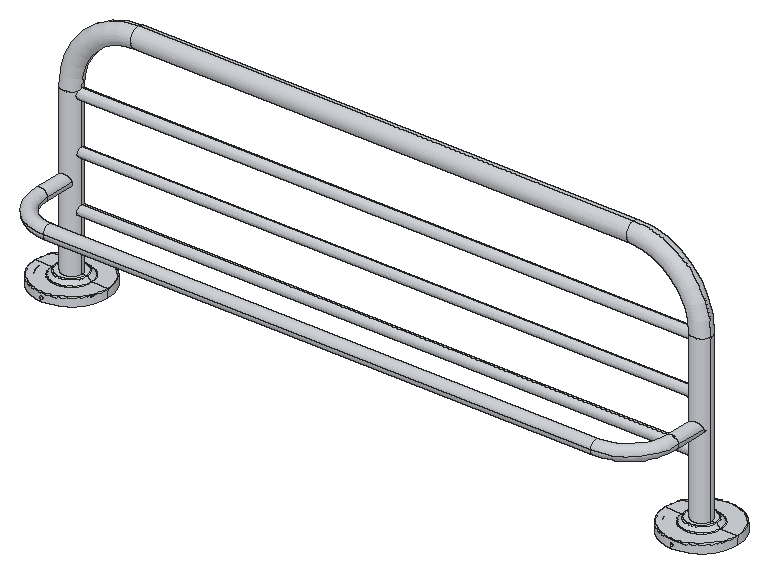
Revit family "Accessory-Towel_Shelf-KOHLER-Eolia-K-17529T", category Specialty Equipment, host Face, Revit 2021
Family settings
  Host = Face
  Round Connector Dimension = Use Diameter
  Part Type = Normal
  OmniClass Number = 23.31.25.00
  Cut with Voids When Loaded = No
  Shared = No
  Room Calculation Point = No
Parameters (values of type "CP-Polished Chrome")
  Width = 9.68504"
  WaterSense Certified = 1 = 0  # no
  URL = "http://www.kohler.com.cn/"
  Type = 1
  Product Page URL = "https://www.kohler.com.cn/product/K-17529T-CP/K-17529T-CP/"
  Product Name = "Eolia"  # constant formula
  Product Documentation Link = "https://files.kohler.com.cn/pdfs/eolia_17520t.pdf"
  Model = "K-17529T-CP"  # constant formula
  Material = "Premium Metal Construction"  # constant formula
  Master Format 2014 Name = "Toilet, Bath, and Laundry Accessories"  # constant formula
  Master Format 2014 = "10 28 00"  # constant formula
  Manufacturer Address = "Kohler Beijing Office (100016) 36-2-03-B, No. 88, Liuxiang Road, Beijing"  # constant formula
  Manufacturer = "Kohler Co."  # constant formula
  Length = 26.78346"
  Height = 4.67717"
  Finish = Kohler-Metal-CP-Polished_Chrome
  Environmental Product Declaration = ""
  Description = "Loasia 24"  # constant formula
  Default Elevation = 42"
  Declare Label = ""
  Date Modified = "08/26/2024"  # constant formula
  Date Created = "08/26/2024"  # constant formula
  Copyright = "Copyright Kohler Co."  # constant formula
  Contact Us = "http://www.kohler.com.cn/contact/contact-us/"
  Assembly Code = "C1030200"
  ADA Compliant = 1 = 0  # no
Reference planes (in)
  plane 1 "Center (Front/Back)": y = 0
  plane 2: z = 0
  plane 3 "Center (Left/Right)": x = 0
  plane 4: y = 1.39764
  plane 5: y = -1.39764
  plane 6: y = -3.27953
  plane 7: x = 12
  plane 8: x = 12.37402
  plane 9: x = 13.39764
  plane 10: x = 10.60236
  plane 11: y = 0.37402
  plane 12: y = -0.37402
  plane 13: x = -11.98819
  plane 14: x = -12.37697
  plane 15: x = -13.38583
  plane 16: x = -10.59055
  plane 17: x = 11.62598
  plane 18: x = -11.62598
  plane 19: z = 9.68504
  plane 20: z = 3.87008
  plane 21: z = 3.37795
  plane 22: z = 0.47244
  plane 23: z = 3.62402
  plane 24: z = 9.31102
Dimensions and locks (in)
  level to plane 22 = 0.47244"
  level to plane 19 = 9.68504"
  plane 14 to plane 8 = 24.75098"
  plane 11 to plane 12 = 0.74803"
  plane 21 to plane 20 = 0.49213"
  plane 12 to plane 6 = 2.90551"
  "Height": plane 4 to plane 6
  plane 15 to plane 16 = 2.79528"
  "Length": plane 15 to plane 9
  "Width": plane 19 to level
  aligned and locked: plane 2 to host face
  aligned and locked: level to host face
  aligned and locked: plane 1 "Center (Front/Back)" to nested 1
  aligned and locked: plane 3 "Center (Left/Right)" to nested 1
Automatic sketch dimensions
  host sketch curve to host sketch curve = 96"  (x2)
Nested families (in)
  nested 1: "K-17529T" at (0, 0, 0), type "K-17529T"
Definition of nested family "K-17529T"
  Parameters
    Material = none
    Default Elevation = 0"
  Reference planes (in)
    plane 1 "Center (Front/Back)": y = 0
    plane 2: z = 0
    plane 3 "Center (Left/Right)": x = 0
    plane 4: x = -12.37697
    plane 5: z = 9.68504
    plane 6: z = 0.47244
    plane 7: y = 0.37402
    plane 8: y = -0.37402
    plane 9: z = 3.37795
    plane 10: z = 3.87008
    plane 11: z = 3.62402
    plane 12: y = 1.39764
    plane 13: y = -1.39764
    plane 14: y = -3.27953
    plane 15: z = 13.39764
    plane 16: x = 12.37402
    plane 17: x = -11.98819
    plane 18: x = 12
    plane 19: z = 9.68504
    plane 20: z = 9.68504
    plane 21: z = 9.31102
    plane 22: y = -3.03346
    plane 23: x = 11.62598
    plane 24: x = -9.19291
    plane 25: x = -9.19291
    plane 26: x = -9.19291
    plane 27: x = 9.20472
    plane 28: x = -11.62598
    plane 29: x = -13.38583
    plane 30: x = -10.59055
    plane 31: x = 10.60236
    plane 32: x = 13.39764
  Forms (in)
    Revolve 1, solid, material <- "Material", detail levels medium+fine
      sketch origin (0, 0, 0) x (1, 0, 0) y (0, 0, 1)
        loop
          line (-13.11859, 0) -> (-13.11859, 0.27808) -> (-11.98819, 0.27808) -> (-11.98819, 0.47283) -> (-12.5594, 0.47283)
          arc (-12.5594, 0.47283) -> (-12.57498, 0.46973) -> (-12.58818, 0.4609) r 0.0407
          line (-12.58818, 0.4609) -> (-12.7212, 0.32789)
          arc (-12.7212, 0.32789) -> (-12.73539, 0.31841) -> (-12.75213, 0.31508) r 0.04374
          line (-12.75213, 0.31508) -> (-13.3655, 0.31508)
          arc (-13.3655, 0.31508) -> (-13.37942, 0.30931) -> (-13.38519, 0.29539) r 0.01969
          line (-13.38519, 0.29539) -> (-13.38519, 0) -> (-13.11859, 0)
        axis (-11.98819, 0) -> (-11.98819, 0.47283)
      angle from 0 to 360
    Sweep 2, solid, material <- "Material"
      path origin (0, 0, 0) x (1, 0, 0) y (0, 0, 1)
        loop
          line (12, 0) -> (12, 6.75197)
          arc (12, 6.75197) -> (11.25047, 8.56149) -> (9.44094, 9.31102) r 2.55906
          line (9.44094, 9.31102) -> (-9.42913, 9.31102)
          arc (-9.42913, 9.31102) -> (-11.23866, 8.56149) -> (-11.98819, 6.75197) r 2.55906
          line (-11.98819, 6.75197) -> (-11.98819, 0)
      profile origin (-11.98819, 0, 3.37598) x (0, -1, 0) y (1, 0, 0)
        loop
          circle (0, 0) r 0.37402
    Revolve 3, solid, material <- "Material", detail levels medium+fine
      sketch origin (-0.00542, 0, 0) x (-1, 0, 0) y (0, 0, -1)
        loop
          line (-13.18044, 0) -> (-13.39995, 0) -> (-13.39995, -0.29539)
          arc (-13.39995, -0.29539) -> (-13.39419, -0.30931) -> (-13.38027, -0.31508) r 0.01969
          line (-13.38027, -0.31508) -> (-12.75213, -0.31508)
          arc (-12.75213, -0.31508) -> (-12.73539, -0.31841) -> (-12.7212, -0.32789) r 0.04374
          line (-12.7212, -0.32789) -> (-12.58818, -0.4609)
          arc (-12.58818, -0.4609) -> (-12.57498, -0.46973) -> (-12.5594, -0.47283) r 0.0407
          line (-12.5594, -0.47283) -> (-12.00542, -0.47283) -> (-12.00542, -0.27808) -> (-13.18044, -0.27808) -> (-13.18044, 0)
        axis (-12.00542, 0) -> (-12.00542, -0.47283)
      angle from 0 to 360
    Sweep 4, solid, material <- "Material"
      path origin (0, 0, 0) x (1, 0, 0) y (0, 1, 0)
        loop
          line (-11.98819, 0) -> (-11.98819, -1.45866)
          arc (-11.98819, -1.45866) -> (-11.52694, -2.57222) -> (-10.41339, -3.03346) r 1.5748
          line (-10.41339, -3.03346) -> (10.4252, -3.03346)
          arc (10.4252, -3.03346) -> (11.53875, -2.57222) -> (12, -1.45866) r 1.5748
          line (12, -1.45866) -> (12, 0)
      profile origin (-11.98819, -0.72933, 0) x (1, 0, 0) y (0, 0, 1)
        loop
          circle (-0.01796, 3.65372) r 0.25591
    Sweep 5, solid, material <- "Material"
      path origin (0, 0, 0) x (1, 0, 0) y (0, 0, 1)
        loop
          line (-11.65903, 6.62749) -> (11.76617, 6.62749)
      profile origin (0.05357, 0, 6.62749) x (0, 0, 1) y (0, -1, 0)
        loop
          circle (-0.0033, 0) r 0.19685
    Sweep 6, solid, material <- "Material"
      path origin (0, 0, 0) x (1, 0, 0) y (0, 0, 1)
        loop
          line (-11.662, 4.63786) -> (11.65184, 4.63786)
      profile origin (-0.00508, 0, 4.63786) x (0, 0, 1) y (0, -1, 0)
        loop
          circle (-0.00186, 0) r 0.17717
    Sweep 7, solid, material <- "Material"
      path origin (0, 0, 0) x (1, 0, 0) y (0, 0, 1)
        loop
          line (-11.67201, 2.64548) -> (11.69177, 2.64548)
      profile origin (0.00988, 0, 2.64548) x (0, 0, 1) y (0, -1, 0)
        loop
          circle (0.00233, 0) r 0.18701
    Extrusion 8, void
      sketch origin (-0.0123, 0, 0) x (1, 0, 0) y (0, 0, 1)
        loop
          circle (-11.99126, 0.11795) r 0.06704
      from 0.9204 to 1.46778
    Extrusion 9, void
      sketch origin (0.0064, 0, 0) x (-1, 0, 0) y (0, 0, -1)
        loop
          circle (-11.99126, -0.11795) r 0.06704
      from 0.9204 to 1.46778
    Extrusion 10, solid, detail levels medium+fine
      sketch origin (0, 0, 0) x (1, 0, 0) y (0, 0, 1)
        loop
          line (-12.00394, 0.15755) -> (-12.03819, 0.13778) -> (-12.03819, 0.09823) -> (-12.00394, 0.07845) -> (-11.96969, 0.09823) -> (-11.96969, 0.13778) -> (-12.00394, 0.15755)
        loop
          circle (-12.00357, 0.11795) r 0.05992
        loop
          line (11.99804, 0.15755) -> (11.96379, 0.13778) -> (11.96379, 0.09823) -> (11.99804, 0.07845) -> (12.03229, 0.09823) -> (12.03229, 0.13778) -> (11.99804, 0.15755)
        loop
          circle (11.99766, 0.11795) r 0.05992
      from 1.11749 to 1.31599
    Extrusion 11, solid, material <- "Material", detail levels coarse
      sketch origin (0, 0, 0) x (1, 0, 0) y (0, 1, 0)
        loop
          circle (-11.98819, 0) r 1.39715
        loop
          circle (12, 0) r 1.39764
      from 0 to 0.47594
  Cuts and joins
    Extrusion 8, Extrusion 9 cuts Revolve 1
    Extrusion 9 cuts Revolve 3
  Lines and regions (in)
    Masking region 1
      outline origin (0, 0, 0) x (1, 0, 0) y (0, 0, 1)
        loop
          line (12.37402, 0.47244) -> (12.37402, 6.92913)
          arc (12.37402, 6.92913) -> (11.56683, 8.87785) -> (9.61811, 9.68504) r 2.75591
          line (9.61811, 9.68504) -> (-9.81791, 9.68504)
          arc (-9.81791, 9.68504) -> (-11.62744, 8.93551) -> (-12.37697, 7.12598) r 2.55906
          line (-12.37697, 7.12598) -> (-12.37697, 0.47244) -> (-12.55345, 0.47244)
          arc (-12.55345, 0.47244) -> (-12.57508, 0.46814) -> (-12.59341, 0.45589) r 0.05651
          line (-12.59341, 0.45589) -> (-12.72311, 0.32619)
          arc (-12.72311, 0.32619) -> (-12.73674, 0.31724) -> (-12.75294, 0.31534) r 0.03549
          line (-12.75294, 0.31534) -> (-13.36484, 0.31534)
          arc (-13.36484, 0.31534) -> (-13.37968, 0.30919) -> (-13.38583, 0.29435) r 0.02098
          line (-13.38583, 0.29435) -> (-13.38583, 0) -> (-10.59055, 0) -> (-10.59055, 0.29435)
          arc (-10.59055, 0.29435) -> (-10.5967, 0.30919) -> (-10.61153, 0.31534) r 0.02098
          line (-10.61153, 0.31534) -> (-11.22344, 0.31534)
          arc (-11.22344, 0.31534) -> (-11.23964, 0.31724) -> (-11.25327, 0.32619) r 0.03549
          line (-11.25327, 0.32619) -> (-11.38297, 0.45589)
          arc (-11.38297, 0.45589) -> (-11.4013, 0.46814) -> (-11.42293, 0.47244) r 0.05651
          line (-11.42293, 0.47244) -> (-11.62598, 0.47244) -> (-11.62598, 2.4608) -> (11.62598, 2.4608) -> (11.62598, 0.47244) -> (11.41702, 0.47244)
          arc (11.41702, 0.47244) -> (11.39539, 0.46814) -> (11.37706, 0.45589) r 0.05651
          line (11.37706, 0.45589) -> (11.24737, 0.32619)
          arc (11.24737, 0.32619) -> (11.23373, 0.31724) -> (11.21753, 0.31534) r 0.03549
          line (11.21753, 0.31534) -> (10.62335, 0.31534)
          arc (10.62335, 0.31534) -> (10.60851, 0.30919) -> (10.60236, 0.29435) r 0.02098
          line (10.60236, 0.29435) -> (10.60236, 0) -> (13.39764, 0) -> (13.39764, 0.29435)
          arc (13.39764, 0.29435) -> (13.39149, 0.30919) -> (13.37665, 0.31534) r 0.02098
          line (13.37665, 0.31534) -> (12.74704, 0.31534)
          arc (12.74704, 0.31534) -> (12.73084, 0.31724) -> (12.7172, 0.32619) r 0.03549
          line (12.7172, 0.32619) -> (12.58751, 0.45589)
          arc (12.58751, 0.45589) -> (12.56917, 0.46814) -> (12.54755, 0.47244) r 0.05651
          line (12.54755, 0.47244) -> (12.37402, 0.47244)
        loop
          line (9.45679, 8.92981) -> (-9.45217, 8.92981)
          arc (-9.45217, 8.92981) -> (-10.96581, 8.3129) -> (-11.61697, 6.81367) r 2.16535
          line (-11.61697, 6.81367) -> (11.62158, 6.81367)
          arc (11.62158, 6.81367) -> (10.97042, 8.3129) -> (9.45679, 8.92981) r 2.16535
        loop
          line (11.62598, 2.83482) -> (11.62598, 3.37795) -> (-11.62598, 3.37795) -> (-11.62598, 2.83482) -> (11.62598, 2.83482)
        loop
          line (11.62598, 3.87008) -> (11.62598, 4.4613) -> (-11.62598, 4.4613) -> (-11.62598, 3.87008) -> (11.62598, 3.87008)
        loop
          line (11.62598, 6.42746) -> (-11.62598, 6.42746) -> (-11.62598, 4.81071) -> (11.62598, 4.81071) -> (11.62598, 6.42746)
    Masking region 2
      outline origin (0, 0, 0) x (0, 1, 0) y (0, 0, 1)
        loop
          line (1.39764, 0) -> (1.39764, 0.29531)
          arc (1.39764, 0.29531) -> (1.39187, 0.30923) -> (1.37795, 0.31499) r 0.01969
          line (1.37795, 0.31499) -> (0.76482, 0.31499)
          arc (0.76482, 0.31499) -> (0.74711, 0.31856) -> (0.73209, 0.32862) r 0.04651
          line (0.73209, 0.32862) -> (0.60482, 0.45589)
          arc (0.60482, 0.45589) -> (0.59161, 0.46804) -> (0.57421, 0.47244) r 0.03657
          line (0.57421, 0.47244) -> (0.37402, 0.47244) -> (0.37402, 9.31102)
          arc (0.37402, 9.31102) -> (0, 9.68504) -> (-0.37402, 9.31102) r 0.37402
          line (-0.37402, 9.31102) -> (-0.37402, 3.87008) -> (-3.03346, 3.87008)
          arc (-3.03346, 3.87008) -> (-3.27953, 3.62402) -> (-3.03346, 3.37795) r 0.24606
          line (-3.03346, 3.37795) -> (-0.37402, 3.37795) -> (-0.37402, 0.47244) -> (-0.57421, 0.47244)
          arc (-0.57421, 0.47244) -> (-0.59161, 0.46804) -> (-0.60482, 0.45589) r 0.03657
          line (-0.60482, 0.45589) -> (-0.73209, 0.32862)
          arc (-0.73209, 0.32862) -> (-0.74711, 0.31856) -> (-0.76482, 0.31499) r 0.04651
          line (-0.76482, 0.31499) -> (-1.37795, 0.31499)
          arc (-1.37795, 0.31499) -> (-1.39187, 0.30923) -> (-1.39764, 0.29531) r 0.01969
          line (-1.39764, 0.29531) -> (-1.39764, 0) -> (1.39764, 0)
    Masking region 3
      outline origin (0, 0, 0) x (1, 0, 0) y (0, 1, 0)
        loop
          line (-10.42167, -3.27953) -> (10.41577, -3.27953)
          arc (10.41577, -3.27953) -> (11.71725, -2.74043) -> (12.25634, -1.43895) r 1.84058
          line (12.25634, -1.43895) -> (12.25634, -1.39764)
          arc (12.25634, -1.39764) -> (12.7743, -1.17717) -> (13.16672, -0.77356) r 1.42721
          arc (13.16672, -0.77356) -> (13.33722, -0.40321) -> (13.39764, 0) r 1.44687
          arc (13.39764, 0) -> (13.36303, 0.35126) -> (13.23973, 0.68199) r 1.36841
          arc (13.23973, 0.68199) -> (12.72297, 1.21842) -> (12, 1.39764) r 1.34511
          arc (12, 1.39764) -> (11.14437, 1.09993) -> (10.60236, 0.37402) r 1.5463
          line (10.60236, 0.37402) -> (-10.60236, 0.37402)
          arc (-10.60236, 0.37402) -> (-11.14437, 1.09993) -> (-12, 1.39764) r 1.5463
          arc (-12, 1.39764) -> (-12.66722, 1.22641) -> (-13.1716, 0.75727) r 1.39764
          arc (-13.1716, 0.75727) -> (-13.33522, 0.39465) -> (-13.38534, 0) r 1.34208
          arc (-13.38534, 0) -> (-13.31036, -0.48778) -> (-13.06685, -0.91702) r 1.36508
          arc (-13.06685, -0.91702) -> (-12.70493, -1.22538) -> (-12.26179, -1.39773) r 1.42721
          arc (-12.26179, -1.39773) -> (-11.73765, -2.72578) -> (-10.42167, -3.27953) r 1.84058
        loop
          line (-10.29208, -2.7874) -> (10.29233, -2.7874)
          arc (10.29233, -2.7874) -> (11.24566, -2.43161) -> (11.7328, -1.53824) r 1.45512
          line (11.7328, -1.53824) -> (11.74812, -1.39244)
          arc (11.74812, -1.39244) -> (11.03687, -1.04687) -> (10.62145, -0.37402) r 1.41737
          line (10.62145, -0.37402) -> (-10.62736, -0.37402)
          arc (-10.62736, -0.37402) -> (-11.03976, -1.04414) -> (-11.74602, -1.39104) r 1.41737
          arc (-11.74602, -1.39104) -> (-11.30002, -2.38178) -> (-10.29208, -2.7874) r 1.45512
    symbolic lines, detail levels medium+fine
      curve 1: line (9.20472, 0.37402, 0) -> (9.20472, -0.37402, 0)
      curve 2: line (0, 0.37402, 0.47244) -> (0, -0.37402, 0.47244)
      curve 3: line (0, 0.73209, 0.32862) -> (0, -0.73209, 0.32862)
      curve 4: line (0, 0.76289, 0.31499) -> (0, -0.76482, 0.31499)
      curve 5: line (0, 0.60482, 0.45589) -> (0, -0.60482, 0.45589)
      curve 6: line (0, 0.37402, 7.53539) -> (0, -0.37402, 7.53539)
      curve 7: line (9.61811, 0, 9.68504) -> (9.61811, 0, 8.92981)
      curve 8: line (11.61246, 0, 6.94882) -> (12.37402, 0, 6.94882)
      curve 9: line (-9.45217, 0, 8.92981) -> (-9.45217, 0, 9.68504)
      curve 10: line (-11.57778, 0, 7.17481) -> (-12.37473, 0, 7.17481)
      curve 11: line (12.74704, 0, 0.31534) -> (11.21753, 0, 0.31534)
      curve 12: line (12.58674, 0, 0.45666) -> (11.37783, 0, 0.45666)
      curve 13: line (12.37402, 0, 0.47244) -> (11.62598, 0, 0.47244)
      curve 14: line (13.39764, 0, 0.29435) -> (10.60236, 0, 0.29435)
      curve 15: line (-11.62598, 0, 0.47244) -> (-12.37697, 0, 0.47244)
      curve 16: line (-11.38373, 0, 0.45666) -> (-12.59264, 0, 0.45666)
      curve 17: line (-11.25327, 0, 0.32619) -> (-12.72311, 0, 0.32619)
      curve 18: line (-11.22344, 0, 0.31534) -> (-12.76217, 0, 0.31534)
      curve 19: line (-10.59055, 0, 0.29435) -> (-13.38583, 0, 0.29435)
      curve 20: line (-9.19291, 0, 6.81367) -> (-9.19291, 0, 6.42746)
      curve 21: line (9.20472, 0, 6.81367) -> (9.20472, 0, 6.42746)
      curve 22: line (-9.19291, 0.37402, 0) -> (-9.19291, -0.37402, 0)
      curve 23: line (-10.62687, 0.37402, 0) -> (-12.00384, 0.37402, 0)
      curve 24: line (-10.62736, -0.37402, 0) -> (-12.00384, -0.37402, 0)
      curve 25: arc (-12.00384, -0.37402, 0) -> (-12.1423, -0.34745, 0) -> (-12.26108, -0.27151, 0) r 0.37402
      curve 26: line (-12.26179, -1.39773, 0) -> (-12.26108, -0.27151, 0)
      curve 27: line (-11.74602, -1.39104, 0) -> (-11.74602, -0.37402, 0)
      curve 28: arc (-12.26108, -0.27151, 0) -> (-12.35129, 0.13845, 0) -> (-12.00384, 0.37402, 0) r 0.37402
      curve 29: arc (-11.64272, 0.37402, 0) -> (-12.42305, 0.31182, 0) -> (-12.26119, -0.45407, 0) r 0.52109
      curve 30: arc (-11.74602, -0.45186, 0) -> (-11.69194, -0.41615, 0) -> (-11.64272, -0.37402, 0) r 0.52109
      curve 31: arc (-11.54839, 0.37402, 0) -> (-12.44681, 0.36339, 0) -> (-12.26123, -0.51571, 0) r 0.58119
      curve 32: arc (-11.74602, -0.52598, 0) -> (-11.63896, -0.46072, 0) -> (-11.54839, -0.37402, 0) r 0.58119
      curve 33: arc (-11.43169, 0.37402, 0) -> (-12.52924, 0.43435, 0) -> (-12.2613, -0.6317, 0) r 0.68259
      curve 34: arc (-11.3574, 0.37402, 0) -> (-12.5895, 0.48224, 0) -> (-12.26135, -0.71028, 0) r 0.7531
      curve 35: arc (-11.74602, -0.63249, 0) -> (-11.56914, -0.52722, 0) -> (-11.43169, -0.37402, 0) r 0.68259
      curve 36: arc (-11.74602, -0.70492, 0) -> (-11.52282, -0.57339, 0) -> (-11.3574, -0.37402, 0) r 0.7531
      curve 37: line (10.29233, -2.7874, 0) -> (10.29233, -3.27953, 0)
      curve 38: line (9.19291, 0.37402, 0) -> (9.19291, -0.37402, 0)
      curve 39: line (10.62687, 0.37402, 0) -> (12.00384, 0.37402, 0)
      curve 40: line (10.62736, -0.37402, 0) -> (12.00384, -0.37402, 0)
      curve 41: arc (12.00384, -0.37402, 0) -> (12.1423, -0.34745, 0) -> (12.26108, -0.27151, 0) r 0.37402
      curve 42: line (12.25634, -1.39764, 0) -> (12.26108, -0.27151, 0)
      curve 43: line (11.74812, -1.39244, 0) -> (11.74602, -0.37402, 0)
      curve 44: arc (12.26108, -0.27151, 0) -> (12.35129, 0.13845, 0) -> (12.00384, 0.37402, 0) r 0.37402
      curve 45: arc (11.64272, 0.37402, 0) -> (12.42335, 0.31141, 0) -> (12.26031, -0.45457, 0) r 0.52109
      curve 46: arc (11.74618, -0.45195, 0) -> (11.69202, -0.41621, 0) -> (11.64272, -0.37402, 0) r 0.52109
      curve 47: arc (11.54839, 0.37402, 0) -> (12.44722, 0.36287, 0) -> (12.26005, -0.51632, 0) r 0.58119
      curve 48: arc (11.74633, -0.52613, 0) -> (11.6391, -0.46083, 0) -> (11.54839, -0.37402, 0) r 0.58119
      curve 49: arc (11.43169, 0.37402, 0) -> (12.52984, 0.43363, 0) -> (12.25956, -0.63241, 0) r 0.68259
      curve 50: arc (11.3574, 0.37402, 0) -> (12.59022, 0.48137, 0) -> (12.25923, -0.71103, 0) r 0.7531
      curve 51: arc (11.74655, -0.63271, 0) -> (11.56937, -0.5274, 0) -> (11.43169, -0.37402, 0) r 0.68259
      curve 52: arc (11.7467, -0.70517, 0) -> (11.5231, -0.57363, 0) -> (11.3574, -0.37402, 0) r 0.7531
      curve 53: line (-10.29233, -2.7874, 0) -> (-10.29233, -3.27953, 0)
      curve 54: arc (-11.61697, 0, 6.81367) -> (-11.66124, 0, 6.6215) -> (-11.62598, 0, 6.42746) r 0.48891
      curve 55: arc (-11.62598, 0, 4.81071) -> (-11.6663, 0, 4.636) -> (-11.62598, 0, 4.4613) r 0.39871
      curve 56: arc (11.62158, 0, 6.81367) -> (11.65169, 0, 6.62089) -> (11.62598, 0, 6.42746) r 0.682
      curve 57: arc (11.62598, 0, 4.81071) -> (11.65021, 0, 4.636) -> (11.62598, 0, 4.4613) r 0.64195
      curve 58: arc (-11.62598, 0, 2.83482) -> (-11.673, 0, 2.64781) -> (-11.62598, 0, 2.4608) r 0.39542
      curve 59: arc (11.62598, 0, 2.83482) -> (11.69177, 0, 2.64781) -> (11.62598, 0, 2.4608) r 0.29869
      curve 60: line (0, -3.03346, 3.87008) -> (0, -3.03346, 3.37795)
      curve 61: arc (0, -0.37402, 3.87008) -> (0, -0.32816, 3.62402) -> (0, -0.37402, 3.37795) r 0.68314
      curve 62: line (0, 0.37402, 9.31102) -> (0, -0.37402, 9.31102)
      curve 63: line (0, 1.39764, 0.29531) -> (0, -1.39764, 0.29531)
      curve 64: line (-11.62598, 0, 3.87008) -> (-11.62598, 0, 3.37795)
      curve 65: line (11.62598, 0, 3.87008) -> (11.62598, 0, 3.37795)
  Dimensions and locks (in)
    aligned and locked: plane 2 to level
    aligned and locked: plane 14 to Masking region 3 sketch curve
    aligned and locked: plane 12 to Masking region 2 sketch curve
    aligned and locked: plane 13 to Masking region 2 sketch curve
